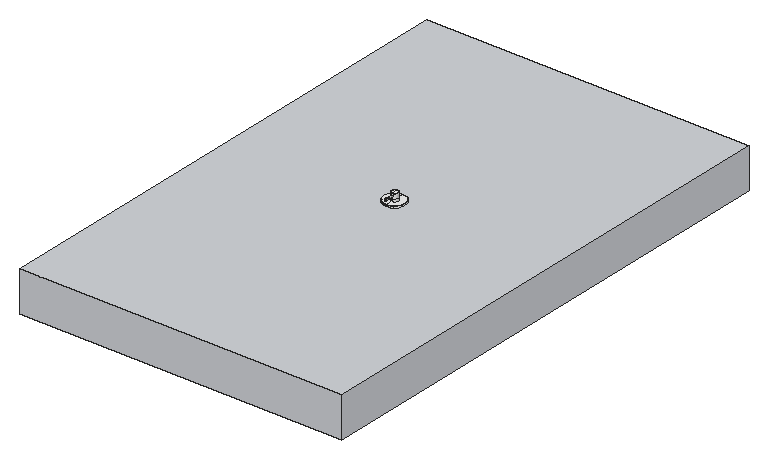
Revit family "Trim-Wall_Hung-Grohe-Essence-14472_Series", category Plumbing Fixtures, host Face, Revit 2014
Parameters (values of type "14472000")
  Width = 6 5/16"  # constant formula
  Waste Connection = no
  Warranty Documentation Link = "https://cdn.cloud.grohe.com/tpi/1000/1900/1940/1949/1949006/original/1949006.pdf"
  WFU = 4  # constant formula
  Vent Connection = no
  URL = "https://www.grohe.us/"
  Type Comments = ""
  Tempered Connection Radius = Tempered Connection Diameter / 2  # 1/4"
  Tempered Connection Diameter = Hot Water Connection Diameter  # 1/2"
  Product Page URL = ""
  Price = "Prices may vary. Please consult Manufacturer Representative for most up-to-date price list."  # constant formula
  Model = "14472000"
  Material = "Brass-Grohe-000-Starlight Chrome"
  Manufacturer = "Grohe"
  Length = 3 1/16"  # constant formula
  Installation Type = "Wall Mounted"
  Hot Water Connection Radius = Hot Water Connection Diameter / 2  # 1/4"
  Hot Water Connection Diameter = Cold Water Connection Diameter  # 1/2"
  HWFU = 3  # constant formula
  HW Connection = yes
  Flow Rate = ""
  Finish = Brass-Grohe-000-Starlight Chrome
  Description = "Essence Pressure Balance Trim with Cartridge"  # constant formula
  Default Elevation = 44"  # constant formula
  Creation Date = "03/11/2020"  # constant formula
  Cold Water Connection Radius = 1/4"  # constant formula
  Cold Water Connection Diameter = Cold Water Connection Radius * 2  # 1/2"
  CWFU = 3  # constant formula
  CW Connection = yes
  Assembly Code = "D2010710"
  ADA Compliant = yes
Types (5): name | Model | Material | Finish
  14472A00 | "14472A00" | "Brass-Grohe-A01-Hard Graphite" | Brass-Grohe-A01-Hard Graphite
  14472BE0 | "14472BE0" | "Brass-Grohe-BE0-Polished Nickel" | Brass-Grohe-BE0-Polished Nickel
  14472GN0 | "14472GN0" | "Brass-Grohe-GN0-Brushed Cool Sunset" | Brass-Grohe-GN0-Brushed Cool Sunset
  14472000 | "14472000" | "Brass-Grohe-000-Starlight Chrome" | Brass-Grohe-000-Starlight Chrome
  14472EN0 | "14472EN0" | "Brass-Grohe-EN0-Brushed Nickel" | Brass-Grohe-EN0-Brushed Nickel
Reference planes (in)
  plane 1 "Center (Front/Back)": y = 0
  plane 2: z = 0
  plane 3 "Center (Left/Right)": x = 0
  plane 4: x = -1.21875
  plane 5: x = 1.21875
  plane 6: x = -3.34375
  plane 7: x = 3.34375
  plane 8: z = 0.375
  plane 9: z = 4
  plane 10: y = 1.96875
  plane 11: y = -1.96875
  plane 12: z = 3.38878
  plane 13: z = 0.8125
  plane 14: y = 3.15625
  plane 15: y = -3.15625
Forms (in)
  Extrusion 1, solid
    sketch origin (0, 0, 0) x (1, 0, 0) y (0, 1, 0)
      loop
        line (-48, 72) -> (-48, -79.70833) -> (48, -79.70833) -> (48, 72) -> (-48, 72)
    from 0 to -12
  Revolve 2, solid, material "Brass-Grohe-000-Starlight Chrome" <- "Finish"
    sketch origin (0, 0, 0) x (0, 1, 0) y (0, 0, 1)
      loop
        line (0.99784, 0.43626) -> (0.99784, 1.1683) -> (0.89855, 1.1683) -> (0.89855, 1.22791) -> (0.99784, 1.22791) -> (0.99784, 2.383)
        arc (0.99784, 2.383) -> (0.99196, 2.40017) -> (0.9768, 2.41014) r 0.02803
        arc (0.9768, 2.41014) -> (0.95109, 2.41587) -> (0.92506, 2.4199) r 0.3999
        line (0.92506, 2.4199) -> (0.92506, 2.38785) -> (0.89376, 2.38785) -> (0.89376, 2.42244)
        arc (0.89376, 2.42244) -> (0.45002, 2.50198) -> (0, 2.52861) r 3.81497
        line (0, 2.52861) -> (0, 0) -> (3.15625, 0) -> (3.15625, 0.29803) -> (3.10299, 0.37409)
        arc (3.10299, 0.37409) -> (2.05072, 0.41566) -> (0.99784, 0.43626) r 52.87889
      axis (0, 2.52861) -> (0, 0)
    angle from 0 to 360
  Revolve 3, solid, material "Brass-Grohe-000-Starlight Chrome" <- "Finish"
    sketch origin (0, 0, 0) x (0, 1, 0) y (0, 0, 1)
      loop
        line (-3.42432, 1.82031) -> (-0.53235, 1.82031) -> (-0.53235, 1.97907) -> (-2.42485, 1.97907)
        arc (-2.42485, 1.97907) -> (-2.55147, 1.98349) -> (-2.67747, 1.99673) r 1.81514
        line (-2.67747, 1.99673) -> (-2.77401, 2.0103)
        arc (-2.77401, 2.0103) -> (-2.82122, 2.01526) -> (-2.86865, 2.01692) r 0.68003
        line (-2.86865, 2.01692) -> (-3.40233, 2.01692)
        arc (-3.40233, 2.01692) -> (-3.41788, 2.01048) -> (-3.42432, 1.99492) r 0.02199
        line (-3.42432, 1.99492) -> (-3.42432, 1.82031)
      axis (-3.42432, 1.82031) -> (-0.53235, 1.82031)
    angle from 0 to 360
Cuts and joins
  joined: Revolve 2, Revolve 3
Lines and regions (in)
  Masking region 1
    outline origin (0, 0, 0) x (1, 0, 0) y (0, 0, 1)
      loop
        line (0.99784, 0.42984) -> (0.99784, 1.1683) -> (0.89855, 1.1683) -> (0.89855, 1.22791) -> (0.99784, 1.22791) -> (0.99784, 2.38386)
        arc (0.99784, 2.38386) -> (0.99151, 2.40145) -> (0.97542, 2.41097) r 0.0276
        arc (0.97542, 2.41097) -> (-0.0015, 2.53018) -> (-0.97833, 2.41025) r 4.05025
        arc (-0.97833, 2.41025) -> (-0.99243, 2.40026) -> (-0.99784, 2.38386) r 0.0276
        line (-0.99784, 2.38386) -> (-0.99784, 1.22791) -> (-0.89855, 1.22791) -> (-0.89855, 1.1683) -> (-0.99784, 1.1683) -> (-0.99784, 0.42984)
        arc (-0.99784, 0.42984) -> (-2.0506, 0.40912) -> (-3.10299, 0.37409) r 77.46782
        line (-3.10299, 0.37409) -> (-3.15625, 0.29803) -> (-3.15625, 0) -> (3.15625, 0) -> (3.15625, 0.29803) -> (3.10299, 0.37409)
        arc (3.10299, 0.37409) -> (2.0506, 0.40912) -> (0.99784, 0.42984) r 77.46782
  symbolic lines, detail levels medium+fine
    curve 1: line (0.99784, 0, 0.43626) -> (-0.99784, 0, 0.43626)
  symbolic lines, detail levels fine
    curve 2: line (0.89855, 0, 1.22791) -> (-0.89855, 0, 1.22791)
    curve 3: line (0.89855, 0, 1.1683) -> (-0.89855, 0, 1.1683)
    curve 4: line (3.10299, 0, 0.37409) -> (-3.10299, 0, 0.37409)
    curve 5: line (3.15625, 0, 0.29803) -> (-3.15625, 0, 0.29803)
Dimensions and locks (in)
  plane 8 to level = 3/8"
  plane 9 to level = 4"
  level to plane 12 = 3.38878"
  plane 13 to level = 13/16"
  aligned and locked: plane 2 to Extrusion 1
  aligned and locked: level to Extrusion 1
Connectors (in)
  piping at (0, 0, 0), diameter 0.5, driven by "Tempered Connection Diameter"
    settings: on cut or joined group of Revolve 2, Revolve 3, index 1, connector inside diameter 24", connector length 0", flow factor 0, pipe flow 0 GPM, pressure drop 0.00 psi, fitting loss kfactor 0, connector angle 0.00°, fixture units 0, engagement length 0", angle of deflection 0.00°, flow configuration 0, flow direction 1, fitting loss method 0, system type 29, joint type 0, gender type 0, connector reference index -1, connector utility 0, adjustable connector no, is connector primary yes, connector description "1/2\" NPT Supply Inlet"
